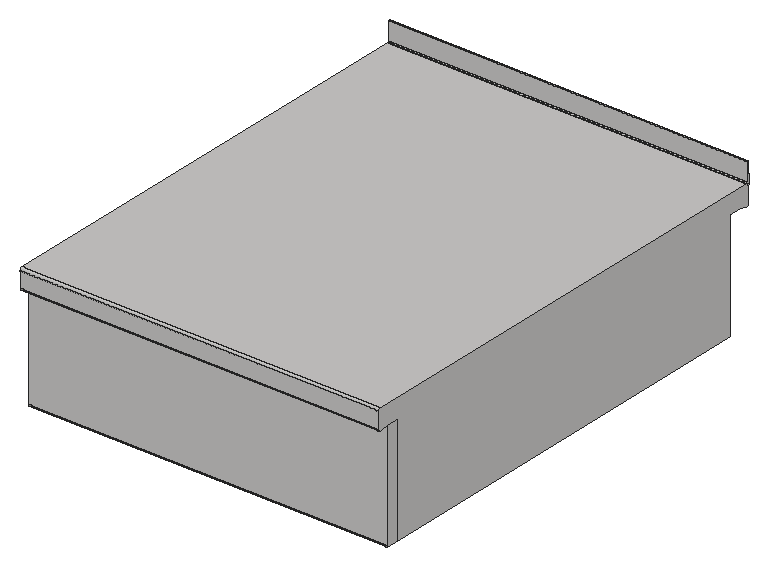
Revit family "QF_ELECTROLUXPROFESSIONAL_589163_MCNABBGOOO", category Specialty Equipment, Revit 2018
Family settings
  Round Connector Dimension = Use Diameter
  Part Type = Normal
  Work Plane-Based = No
  Always vertical = Yes
  Cut with Voids When Loaded = No
  Shared = No
  Room Calculation Point = No
Parameters
  Weight in Pounds = 59.52
  URL Cutsheet = "www.electrolux.com/professional"
  URL = "www.electrolux.com/professional"
  Type Mark [instance] = ""
  Status [instance] = ""
  Specification by User [instance] = ""
  Specification by Manufacturer = ""
  Serial Number = ""
  Seismic Rating = ""
  SMACNA No = ""
  Revision Code [instance] = ""
  Omniclass Number and Title = ""
  NAFEM Spec ID Number = ""
  Model = "589163"
  Masterspec = ""
  Manufacturer = "ELECTROLUX"
  Item Number [instance] = ""
  Installed By [instance] = ""
  Identify Quantity as Lot [instance] = yes
  Furnished By [instance] = ""
  Foodservice Equipment Identifier [instance] = yes
  Direct Waste Size = 0"
  Description = "WORK TOP,CLOSED,1-S,BACKSPL,700X900X250H"
  CSI MasterFormat = ""
  CSI Master Format = ""
Reference planes
  plane 1 "BACK": y = 0
  plane 2: z = 0
  plane 3 "LEFT": x = 0
  plane 4 "RIGHT": x = 700
  plane 5 "FRONT": y = -900
  plane 6 "TOP": z = 250
  plane 7 "Center Y": x = 350
  plane 8 "Center X": y = -450
  plane 9: z = 288
Forms (mm)
  Extrusion 1, solid, material "QF_Finishes_Stainless Steel"
    sketch origin (0, 50.048, 0) x (0, 1, 0) y (0, 0, 1)
      loop
        line (-95.048, 213) -> (-71.412, 213) -> (-54.743, 210.061)
        arc (-54.743, 210.061) -> (-51.477, 210.936) -> (-50.048, 214) r 4
        line (-50.048, 214) -> (-50.048, 246)
        arc (-50.048, 246) -> (-51.22, 248.828) -> (-54.048, 250) r 4
        line (-54.048, 250) -> (-946.048, 250)
        arc (-946.048, 250) -> (-948.877, 248.828) -> (-950.048, 246) r 4
        line (-950.048, 246) -> (-950.048, 214)
        arc (-950.048, 214) -> (-948.619, 210.936) -> (-945.353, 210.061) r 4
        line (-945.353, 210.061) -> (-928.509, 213) -> (-905.048, 213) -> (-905.048, 0) -> (-95.048, 0) -> (-95.048, 213)
    from 0 to 700
  Extrusion 2, solid, material "QF_Finishes_Stainless Steel"
    sketch origin (0, 50.048, 0) x (0, 1, 0) y (0, 0, 1)
      loop
        arc (-928.048, 213) -> (-929.462, 212.414) -> (-930.048, 211) r 2
        line (-930.048, 211) -> (-930.048, 2)
        arc (-930.048, 2) -> (-929.462, 0.586) -> (-928.048, 0) r 2
        line (-928.048, 0) -> (-905.048, 0) -> (-905.048, 213) -> (-928.048, 213)
    from 0 to 700
  Extrusion 3, solid, material "QF_Finishes_Stainless Steel"
    sketch origin (0, -950.048, 0) x (0, -1, 0) y (0, 0, -1)
      loop
        arc (-948.097, -252.006) -> (-947.511, -250.592) -> (-946.097, -250.006) r 2
        arc (-946.097, -250.006) -> (-948.877, -248.828) -> (-950.048, -246) r 4
        line (-950.048, -246) -> (-950.048, -288.006) -> (-948.097, -288.006) -> (-948.097, -252.006)
    from 0 to 700
Lines and regions (mm)
  symbolic lines
    curve 1: line (0, 0, 0) -> (700, 0, 0)
    curve 2: line (0, -900, 0) -> (0, 0, 0)
    curve 3: line (700, -900, 0) -> (0, -900, 0)
    curve 4: line (700, 0, 0) -> (700, -900, 0)
    curve 5: line (0, -1.951, 0) -> (700, -1.951, 0)
Dimensions and locks
  equal spacing: plane 3 "LEFT", plane 7 "Center Y", plane 4 "RIGHT"
  plane 3 "LEFT" to plane 4 "RIGHT" = 700.00 mm
  equal spacing: plane 5 "FRONT", plane 8 "Center X", plane 1 "BACK"
  plane 5 "FRONT" to plane 1 "BACK" = 900.00 mm
  plane 6 "TOP" to level = 250.00 mm
  plane 9 to level = 288.00 mm
  plane 9 to plane 6 "TOP" = 38.00 mm
  aligned and locked: level to plane 2
  aligned and locked: Extrusion 1 to plane 4 "RIGHT"
  aligned and locked: Extrusion 2 to plane 4 "RIGHT"
  aligned and locked: Extrusion 3 to plane 4 "RIGHT"
Automatic sketch dimensions
  Extrusion 1 sketch curve to plane 5 "FRONT" = 0.00 mm
  Extrusion 1 sketch curve to plane 6 "TOP" = 0.00 mm
  Extrusion 1 sketch curve to level = 0.00 mm
  Extrusion 1 sketch curve to plane 1 "BACK" = 0.00 mm
  Extrusion 1 sketch curve to plane 5 "FRONT" = 4.695 mm
  Extrusion 1 sketch curve to plane 6 "TOP" = 39.939 mm
  Extrusion 1 sketch curve to plane 5 "FRONT" = 4.00 mm  (x2)
  Extrusion 1 sketch curve to Extrusion 1 sketch curve = 16.844 mm
  Extrusion 1 sketch curve to plane 5 "FRONT" = 45.00 mm
  plane 1 "BACK" to Extrusion 1 sketch curve = 45.00 mm
  plane 1 "BACK" to Extrusion 1 sketch curve = 21.364 mm
  plane 1 "BACK" to Extrusion 1 sketch curve = 4.00 mm
  plane 1 "BACK" to Extrusion 1 sketch curve = 4.695 mm
  Extrusion 1 sketch curve to Extrusion 1 sketch curve = 0.00 mm  (x2)
  Extrusion 1 sketch curve to Extrusion 1 sketch curve = 4.00 mm
  Extrusion 1 sketch curve to plane 6 "TOP" = 37.00 mm  (x2)
  Extrusion 1 sketch curve to Extrusion 1 sketch curve = 1.00 mm
  Extrusion 2 sketch curve to level = 0.00 mm
  Extrusion 2 sketch curve to plane 5 "FRONT" = 20.00 mm
  level to Extrusion 2 sketch curve = 2.00 mm
  Extrusion 2 sketch curve to Extrusion 2 sketch curve = 2.00 mm
  Extrusion 2 sketch curve to Extrusion 2 sketch curve = 23.00 mm
  Extrusion 2 sketch curve to plane 6 "TOP" = 39.00 mm
  Extrusion 3 sketch curve to plane 1 "BACK" = 0.00 mm  (x2)
  Extrusion 3 sketch curve to plane 6 "TOP" = 2.006 mm
  Extrusion 3 sketch curve to plane 6 "TOP" = 0.00 mm
  Extrusion 3 sketch curve to plane 9 = 0.006 mm
  Extrusion 3 sketch curve to Extrusion 3 sketch curve = 1.951 mm
  Extrusion 3 sketch curve to Extrusion 3 sketch curve = 2.00 mm
  Extrusion 3 sketch curve to Extrusion 3 sketch curve = 0.049 mm
  Extrusion 3 sketch curve to Extrusion 3 sketch curve = 0.00 mm
  plane 1 "BACK" to curve 1 = 0.00 mm
  curve 1 to plane 3 "LEFT" = 0.00 mm
  curve 1 to plane 4 "RIGHT" = 0.00 mm
  plane 5 "FRONT" to curve 4 = 0.00 mm
  curve 5 to curve 1 = 1.951 mm
